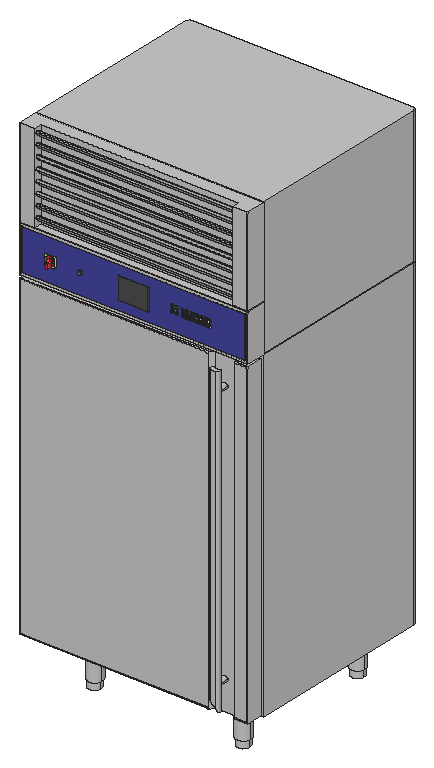
Revit family "QF_NuovAIR_P15.1----", category Specialty Equipment, Revit 2019
Family settings
  Round Connector Dimension = Use Diameter
  Part Type = Normal
  Work Plane-Based = No
  Always vertical = Yes
  Cut with Voids When Loaded = No
  Shared = No
  Room Calculation Point = No
Parameters (values of type "P15.1_LH_400V 50A")
  Weight = 250.00 kg
  Volts = 400 V
  Volt Free Conn = no
  URL Manufacturer = "https://www.nuovair.com/"
  URL Cutsheet = "P15.1-en-1.pdf"
  URL = ""
  Show Logo [instance] = yes
  Show Clearance [instance] = no
  Refrigeration Suction Line Size = 0 mm
  Refrigeration Liquid Line Size = 0 mm
  Refrigeration Energy Efficiency Index = ""
  Refrigeration Climate Class = ""
  Refrigerant Type = "R452a"
  Refrigerant Compressor Remote = no
  Potential Equalisation = yes
  Phase = 3
  Number of Poles = 3
  Model = "P15.1"
  Mat_Legs = QF_Stainless-Brushed
  Mat_Handle = QF_Stainless-Brushed
  Mat_Clearance = QF_Clearance
  Mat_Case = QF_Stainless-Brushed
  Masterspec = ""
  Manufacturer = "NUOVAIR"
  Main switch integrated = no
  Length Actual = 920 mm  # constant formula
  Legs_R2 = 25 mm  # constant formula
  Legs_R1 = 30 mm  # constant formula
  Keynote = "0"
  Item Number = "P15.1"
  Identify Quantity as Lot = no
  Horse Power = ""
  Height Actual = 2060 mm  # constant formula
  Foodservice Equipment Identifier = yes
  Energy Efficiency Labelling = ""
  FL Amps = 8.5 A
  Electric power = 3500000 W
  Elec Connection Height = 1535 mm
  Ele_Note = ""
  DoorH = Height Actual - 200 mm - 550 mm - 20 mm  # 1290 mm
  Direct Waste Size = 0 mm
  Direct Waste Connection Height = 0 mm
  Description = "Blast Chiller, 12-18 tray GN1/1 - 60x40"
  Description_FR = ""
  Description_ES = ""
  Description_EN = ""
  Description_DE = ""
  Depth Actual = 853 mm  # constant formula
  RH = no
  D15 = 15 mm  # constant formula
  Cycle = 50 Hz
  Conn Plug = "only cable"
  CE Approved = yes
  Author = ""
  Accessory = no
Types (6, lengths in mm): name | Volts | FL Amps | RH | Cycle
  P15.1_LH_400V 50A | 400 V | 8.5 A | no | 50 Hz
  P15.1_RH_400V 50A | 400 V | 8.5 A | yes | 50 Hz
  P15.1_LH_440V 60A | 440 V | 9.3 A | no | 60 Hz
  P15.1_RH_440V 60A | 440 V | 9.3 A | yes | 60 Hz
  P15.1_LH_230V 60A | 230 V | 17.8 A | no | 60 Hz
  P15.1_RH_230V 60A | 230 V | 17.8 A | yes | 60 Hz
Reference planes
  plane 1 "Center (Front/Back)": y = 0
  plane 2: z = 0
  plane 3 "Center (Left/Right)": x = 0
  plane 4 "SX": x = -460
  plane 5 "DX": x = 460
  plane 6: y = -853
  plane 7: y = -1630
  plane 8: y = -770
  plane 9 "top": z = 2060
  plane 10 "Base": z = 510
  plane 11: x = -500
  plane 12: x = 500
  plane 13: y = -60
  plane 14: y = -710
  plane 15: x = -400
  plane 16: x = 400
  plane 17: y = 50
  plane 18 "down": z = 200
  plane 19: x = -300
  plane 20: x = 300
  plane 21: y = -96.5
  plane 22: y = -673.5
  plane 23 "Center L/S": z = 529
  plane 24 "1": z = 1510
  plane 25: z = 1700
  plane 26: z = 1605
  plane 27 "Manopola_X": x = -335
  plane 28: x = -215
  plane 29: z = 270
  plane 30: z = 1440
  plane 31: y = -385
  plane 32: z = 2560
Forms (mm)
  Extrusion 1, solid, material "QF_Clearance" <- "Mat_Clearance", visible <- "Show Clearance"
    sketch origin (0, 0, 0) x (1, 0, 0) y (0, 1, 0)
      loop
        line (-460, 50) -> (-460, -1630) -> (460, -1630) -> (460, 50) -> (-460, 50)
    from 0 to 2060
  Extrusion 2, solid, material "QF_Stainless-Brushed" <- "Mat_Case", detail levels medium+fine
    sketch origin (0, 0, 0) x (1, 0, 0) y (0, 1, 0)
      loop
        arc (-445, 0) -> (-455.607, -4.393) -> (-460, -15) r 15
        line (-460, -15) -> (-460, -770) -> (460, -770) -> (460, -15)
        arc (460, -15) -> (455.607, -4.393) -> (445, 0) r 15
        line (445, 0) -> (-445, 0)
      loop
        arc (-385, -60) -> (-395.607, -64.393) -> (-400, -75) r 15
        line (-400, -75) -> (-400, -695)
        arc (-400, -695) -> (-395.607, -705.607) -> (-385, -710) r 15
        line (-385, -710) -> (385, -710)
        arc (385, -710) -> (395.607, -705.607) -> (400, -695) r 15
        line (400, -695) -> (400, -75)
        arc (400, -75) -> (395.607, -64.393) -> (385, -60) r 15
        line (385, -60) -> (-385, -60)
    from 200 to 2060
  Extrusion 3, solid, material "QF_Clearance" <- "Mat_Clearance", visible <- "Show Clearance"
    sketch origin (0, 0, 0) x (1, 0, 0) y (0, 1, 0)
      loop
        line (-500, 0) -> (-500, -853) -> (500, -853) -> (500, 0) -> (-500, 0)
    from 0 to 2060
  Extrusion 4, solid, material "QF_Stainless-Brushed" <- "Mat_Case", detail levels medium+fine
    sketch origin (0, 0, 0) x (1, 0, 0) y (0, 1, 0)
      loop
        line (-400, -60) -> (-400, -710) -> (400, -710) -> (400, -60) -> (-400, -60)
    from 200 to 510
  Extrusion 5, solid, material "QF_Stainless-Brushed" <- "Mat_Case", detail levels medium+fine
    sketch origin (-1142.471, -1524, 1650) x (-1, 0, 0) y (0, -1, 0)
      loop
        line (-742.471, -1464) -> (-742.471, -814) -> (-1542.471, -814) -> (-1542.471, -1464) -> (-742.471, -1464)
    from 0 to 410
  Extrusion 6, solid, material "QF_Stainless-Brushed" <- "Mat_Legs", detail levels medium+fine
    sketch origin (0, 0, 0) x (1, 0, 0) y (0, 1, 0)
      loop
        circle (-300, -673.5) r 30
      loop
        circle (300, -673.5) r 30
      loop
        circle (300, -96.5) r 30
      loop
        circle (-300, -96.5) r 30
    from 30 to 200
  Extrusion 7, solid, material "QF_Stainless-Brushed" <- "Mat_Legs", detail levels medium+fine
    sketch origin (0, 0, 0) x (1, 0, 0) y (0, 1, 0)
      loop
        circle (-300, -96.5) r 25
      loop
        circle (300, -96.5) r 25
      loop
        circle (-300, -673.5) r 25
      loop
        circle (300, -673.5) r 25
    from 0 to 30
  Extrusion 8, solid, material "QF_Stainless-Brushed" <- "Mat_Case", detail levels medium+fine
    sketch origin (0, 0, 1510) x (-1, 0, 0) y (0, -1, 0)
      loop
        line (458, 770) -> (460, 772) -> (460, 850)
        arc (460, 850) -> (459.121, 852.121) -> (457, 853) r 3
        line (457, 853) -> (-457, 853)
        arc (-457, 853) -> (-459.121, 852.121) -> (-460, 850) r 3
        line (-460, 850) -> (-460, 772) -> (-458, 770) -> (458, 770)
    from 0 to 550
  Sweep 9, void
    path origin (0, 0, 1510) x (-1, 0, 0) y (0, -1, 0)
      loop
        line (400, 853) -> (-400, 853)
    profile "PRF_Air-8 Blade : KTM" origin (0, -853, 1510) x (0, 1, 0) y (0, 0, 1)
      loop
        line (33, 190) -> (33, 206) -> (23, 206) -> (5, 224) -> (5, 234) -> (10, 234) -> (10, 226.071) -> (25.071, 211) -> (33, 211) -> (33, 250) -> (23, 250) -> (5, 268) -> (5, 278) -> (10, 278) -> (10, 270.071) -> (25.071, 255) -> (33, 255) -> (33, 294) -> (23, 294) -> (5, 312) -> (5, 322) -> (10, 322) -> (10, 314.071) -> (25.071, 299) -> (33, 299) -> (33, 338) -> (23, 338) -> (5, 356) -> (5, 366) -> (10, 366) -> (10, 358.071) -> (25.071, 343) -> (33, 343) -> (33, 382) -> (23, 382) -> (5, 400) -> (5, 410) -> (10, 410) -> (10, 402.071) -> (25.071, 387) -> (33, 387) -> (33, 426) -> (23, 426) -> (5, 444) -> (5, 454) -> (10, 454) -> (10, 446.071) -> (25.071, 431) -> (33, 431) -> (33, 470) -> (23, 470) -> (5, 488) -> (5, 498) -> (10, 498) -> (10, 490.071) -> (25.071, 475) -> (33, 475) -> (33, 514) -> (23, 514) -> (5, 532) -> (5, 542) -> (10, 542) -> (10, 534.071) -> (25.071, 519) -> (33, 519) -> (33, 552) -> (-25, 552) -> (-25, 190) -> (33, 190)
  Sweep 10, void
    path origin (-846.124, -1524, 1700) x (-1, 0, 0) y (0, -1, 0)
      loop
        line (-386.124, -754) -> (-386.124, -671) -> (-1306.124, -671) -> (-1306.124, -754)
    profile "PRF_scalpel : PRF_scalpel" origin (0, -853, 1700) x (0, 1, 0) y (0, 0, 1)
      loop
        line (1, 0) -> (-1, 2) -> (-51, 2) -> (-51, -2) -> (-1, -2) -> (1, 0)
  Extrusion 11, void
    sketch origin (-909.885, -853, 4000) x (-1, 0, 0) y (0, 0, 1)
      loop
        line (-459.885, -2480) -> (-459.885, -2310) -> (-1359.885, -2310) -> (-1359.885, -2480) -> (-459.885, -2480)
    from 0 to 2
  Extrusion 12, solid, material "QF_Plastic-Navy Blue", detail levels medium+fine
    sketch origin (-909.885, -853, 4000) x (-1, 0, 0) y (0, 0, 1)
      loop
        line (-459.885, -2480) -> (-459.885, -2310) -> (-1359.885, -2310) -> (-1359.885, -2480) -> (-459.885, -2480)
    from 0 to 2
  Extrusion 13, solid, material "QF_Rubber-Black", detail levels fine
    sketch origin (-909.885, -853, 4000) x (-1, 0, 0) y (0, 0, 1)
      loop
        circle (-694.885, -2395) r 7.5
    from 0 to -5
  Extrusion 14, solid, material "QF_Plastic-Black-Transparent", detail levels fine
    sketch origin (-909.885, -853, 4000) x (-1, 0, 0) y (0, 0, 1)
      loop
        arc (-851.885, -2440) -> (-850.471, -2439.414) -> (-849.885, -2438) r 2
        line (-849.885, -2438) -> (-849.885, -2352)
        arc (-849.885, -2352) -> (-850.471, -2350.586) -> (-851.885, -2350) r 2
        line (-851.885, -2350) -> (-967.885, -2350)
        arc (-967.885, -2350) -> (-969.3, -2350.586) -> (-969.885, -2352) r 2
        line (-969.885, -2352) -> (-969.885, -2438)
        arc (-969.885, -2438) -> (-969.3, -2439.414) -> (-967.885, -2440) r 2
        line (-967.885, -2440) -> (-851.885, -2440)
    from 0 to -1
  Extrusion 15, solid, material "QF_Plastic-White-Glossy", visible <- "Show Logo", detail levels fine
    sketch origin (-909.885, -853, 4000) x (-1, 0, 0) y (0, 0, 1)
      loop
        arc (-1128.781, -2392.416) -> (-1134.776, -2398.41) -> (-1140.77, -2392.416) r 5.994
        line (-1140.77, -2392.416) -> (-1140.77, -2380) -> (-1143.053, -2380) -> (-1143.053, -2392.416)
        arc (-1143.053, -2392.416) -> (-1134.776, -2400.694) -> (-1126.498, -2392.416) r 8.278
        line (-1126.498, -2392.416) -> (-1126.498, -2380) -> (-1128.781, -2380) -> (-1128.781, -2392.416)
      loop
        circle (-1155.915, -2390.424) r 10.27
      loop
        circle (-1155.915, -2390.424) r 7.986
      loop
        line (-1212.558, -2391.793) -> (-1208.232, -2391.793) -> (-1208.232, -2383.14) -> (-1212.558, -2383.14)
        arc (-1212.558, -2383.14) -> (-1216.885, -2387.466) -> (-1212.558, -2391.793) r 4.327
      loop
        arc (-1217.138, -2393.363) -> (-1219.55, -2396.639) -> (-1219.885, -2400.694) r 7.466
        line (-1219.885, -2400.694) -> (-1216.64, -2400.694)
        arc (-1216.64, -2400.694) -> (-1216.089, -2396.758) -> (-1212.558, -2394.933) r 4.327
        line (-1212.558, -2394.933) -> (-1208.232, -2394.933) -> (-1208.232, -2400.694) -> (-1205.377, -2400.694) -> (-1205.377, -2380) -> (-1212.558, -2380)
        arc (-1212.558, -2380) -> (-1219.621, -2385.045) -> (-1217.138, -2393.363) r 7.466
      loop
        line (-1107.955, -2385.624) -> (-1107.955, -2400.694) -> (-1105.672, -2400.694) -> (-1105.672, -2380) -> (-1120.324, -2395.07) -> (-1120.324, -2380) -> (-1122.608, -2380) -> (-1122.608, -2400.694) -> (-1107.955, -2385.624)
      loop
        line (-1200.317, -2400.694) -> (-1197.463, -2400.694) -> (-1197.463, -2380) -> (-1200.317, -2380) -> (-1200.317, -2400.694)
      loop
        line (-1179.711, -2380) -> (-1182.178, -2380) -> (-1173.719, -2400.694) -> (-1165.26, -2380) -> (-1167.726, -2380) -> (-1173.719, -2394.659) -> (-1179.711, -2380)
      loop
        line (-1189.418, -2394.471) -> (-1184.371, -2394.471) -> (-1186.894, -2388.298) -> (-1189.418, -2394.471)
      loop
        line (-1190.468, -2397.04) -> (-1183.321, -2397.04) -> (-1181.827, -2400.694) -> (-1178.435, -2400.694) -> (-1186.894, -2380) -> (-1195.353, -2400.694) -> (-1191.961, -2400.694) -> (-1190.468, -2397.04)
      loop
        line (-1107.153, -2410) -> (-1105.672, -2410) -> (-1105.672, -2403.718) -> (-1107.153, -2403.718) -> (-1107.153, -2410)
      loop
        line (-1112.129, -2410) -> (-1108.839, -2410) -> (-1108.839, -2403.718) -> (-1112.129, -2403.718) -> (-1112.129, -2410)
      loop
        line (-1117.558, -2410) -> (-1113.075, -2410) -> (-1113.075, -2403.718) -> (-1117.558, -2403.718) -> (-1117.558, -2410)
      loop
        line (-1123.275, -2410) -> (-1118.956, -2410) -> (-1118.956, -2403.718) -> (-1123.275, -2403.718) -> (-1123.275, -2410)
      loop
        line (-1127.675, -2410) -> (-1124.22, -2410) -> (-1124.22, -2403.718) -> (-1127.675, -2403.718) -> (-1127.675, -2410)
      loop
        line (-1132.24, -2410) -> (-1128.374, -2410) -> (-1128.374, -2403.718) -> (-1132.24, -2403.718) -> (-1132.24, -2410)
      loop
        line (-1136.189, -2410) -> (-1133.268, -2410) -> (-1133.268, -2403.718) -> (-1136.189, -2403.718) -> (-1136.189, -2410)
      loop
        line (-1141.289, -2410) -> (-1136.858, -2410) -> (-1136.858, -2403.718) -> (-1141.289, -2403.718) -> (-1141.289, -2410)
      loop
        line (-1146.827, -2410) -> (-1142.835, -2410) -> (-1142.835, -2403.718) -> (-1146.827, -2403.718) -> (-1146.827, -2410)
      loop
        line (-1149.816, -2410) -> (-1147.806, -2410) -> (-1147.806, -2403.718) -> (-1149.816, -2403.718) -> (-1149.816, -2410)
      loop
        line (-1157.956, -2410) -> (-1152.881, -2410) -> (-1152.881, -2403.718) -> (-1157.956, -2403.718) -> (-1157.956, -2410)
      loop
        line (-1162.129, -2410) -> (-1158.677, -2410) -> (-1158.677, -2403.718) -> (-1162.129, -2403.718) -> (-1162.129, -2410)
      loop
        line (-1171.712, -2410) -> (-1165.838, -2410) -> (-1165.838, -2403.718) -> (-1171.712, -2403.718) -> (-1171.712, -2410)
      loop
        line (-1175.473, -2410) -> (-1173.025, -2410) -> (-1173.025, -2403.718) -> (-1175.473, -2403.718) -> (-1175.473, -2410)
      loop
        line (-1182.162, -2410) -> (-1176.878, -2410) -> (-1176.878, -2403.718) -> (-1182.162, -2403.718) -> (-1182.162, -2410)
      loop
        line (-1187.601, -2410) -> (-1183.801, -2410) -> (-1183.801, -2403.718) -> (-1187.601, -2403.718) -> (-1187.601, -2410)
      loop
        line (-1192.468, -2410) -> (-1188.434, -2410) -> (-1188.434, -2403.718) -> (-1192.468, -2403.718) -> (-1192.468, -2410)
      loop
        line (-1197.309, -2410) -> (-1193.587, -2410) -> (-1193.587, -2403.718) -> (-1197.309, -2403.718) -> (-1197.309, -2410)
      loop
        line (-1201.63, -2410) -> (-1198.272, -2410) -> (-1198.272, -2403.718) -> (-1201.63, -2403.718) -> (-1201.63, -2410)
      loop
        line (-1205.924, -2410) -> (-1202.618, -2410) -> (-1202.618, -2403.718) -> (-1205.924, -2403.718) -> (-1205.924, -2410)
      loop
        line (-1208.188, -2410) -> (-1206.731, -2410) -> (-1206.731, -2403.718) -> (-1208.188, -2403.718) -> (-1208.188, -2410)
      loop
        line (-1212.717, -2410) -> (-1208.995, -2410) -> (-1208.995, -2403.718) -> (-1212.717, -2403.718) -> (-1212.717, -2410)
      loop
        line (-1219.885, -2410) -> (-1213.888, -2410) -> (-1213.888, -2403.718) -> (-1219.885, -2403.718) -> (-1219.885, -2410)
    from 0 to -1
  Extrusion 16, solid, material "QF_Plastic-Cyan", visible <- "Show Logo", detail levels fine
    sketch origin (-909.885, -853, 4000) x (-1, 0, 0) y (0, 0, 1)
      loop
        line (-1078.274, -2384.585) -> (-1078.274, -2390.401) -> (-1074.885, -2393.789) -> (-1071.497, -2390.401) -> (-1071.497, -2384.585) -> (-1074.885, -2387.974) -> (-1078.274, -2384.585)
      loop
        line (-1089.435, -2400.101) -> (-1081.197, -2400.101) -> (-1084.814, -2403.718) -> (-1089.885, -2403.718) -> (-1089.885, -2405.43) -> (-1086.527, -2405.43) -> (-1089.045, -2407.948) -> (-1087.834, -2409.159) -> (-1085.316, -2406.641) -> (-1085.316, -2410) -> (-1083.603, -2410) -> (-1083.603, -2404.929) -> (-1079.986, -2401.312) -> (-1079.986, -2409.549) -> (-1074.885, -2404.448) -> (-1069.784, -2409.549) -> (-1069.784, -2401.312) -> (-1066.168, -2404.929) -> (-1066.168, -2410) -> (-1064.455, -2410) -> (-1064.455, -2406.641) -> (-1061.937, -2409.159) -> (-1060.726, -2407.948) -> (-1063.244, -2405.43) -> (-1059.885, -2405.43) -> (-1059.885, -2403.718) -> (-1064.957, -2403.718) -> (-1068.573, -2400.101) -> (-1060.336, -2400.101) -> (-1065.437, -2395) -> (-1060.336, -2389.899) -> (-1068.573, -2389.899) -> (-1064.957, -2386.282) -> (-1059.885, -2386.282) -> (-1059.885, -2384.57) -> (-1063.244, -2384.57) -> (-1060.726, -2382.052) -> (-1061.937, -2380.841) -> (-1064.455, -2383.359) -> (-1064.455, -2380) -> (-1066.168, -2380) -> (-1066.168, -2385.071) -> (-1069.784, -2388.688) -> (-1069.784, -2380.451) -> (-1074.885, -2385.552) -> (-1079.986, -2380.451) -> (-1079.986, -2388.688) -> (-1083.603, -2385.071) -> (-1083.603, -2380) -> (-1085.316, -2380) -> (-1085.316, -2383.359) -> (-1087.834, -2380.841) -> (-1089.045, -2382.052) -> (-1086.527, -2384.57) -> (-1089.885, -2384.57) -> (-1089.885, -2386.282) -> (-1084.814, -2386.282) -> (-1081.197, -2389.899) -> (-1089.435, -2389.899) -> (-1084.334, -2395) -> (-1089.435, -2400.101)
      loop
        line (-1064.471, -2398.388) -> (-1067.859, -2395) -> (-1064.471, -2391.612) -> (-1070.286, -2391.612) -> (-1073.674, -2395) -> (-1070.286, -2398.388) -> (-1064.471, -2398.388)
      loop
        line (-1085.3, -2398.388) -> (-1079.485, -2398.388) -> (-1076.096, -2395) -> (-1079.485, -2391.612) -> (-1085.3, -2391.612) -> (-1081.912, -2395) -> (-1085.3, -2398.388)
      loop
        line (-1078.274, -2405.415) -> (-1074.885, -2402.026) -> (-1071.497, -2405.415) -> (-1071.497, -2399.599) -> (-1074.885, -2396.211) -> (-1078.274, -2399.599) -> (-1078.274, -2405.415)
    from 0 to -1
  Sweep 17, void
    path origin (-846.124, -1524, 1510) x (-1, 0, 0) y (0, -1, 0)
      loop
        line (-386.124, -1524) -> (-386.124, -754) -> (-1306.124, -754) -> (-1306.124, -1524) -> (-386.124, -1524)
    profile "PRF_scalpel : PRF_scalpel" origin (0, 0, 1510) x (0, 1, 0) y (0, 0, 1)
      loop
        line (-1, 0) -> (1, -2) -> (51, -2) -> (51, 2) -> (1, 2) -> (-1, 0)
  Extrusion 18, solid, material "QF_Clearance" <- "Mat_Clearance", visible <- "Show Clearance"
    sketch origin (0, 0, 0) x (1, 0, 0) y (0, 1, 0)
      loop
        line (-460, -853) -> (460, -853) -> (460, 0) -> (-460, 0) -> (-460, -853)
    from 0 to 2560
Cuts and joins
  Sweep 17 cuts Extrusion 2
  joined: Extrusion 2, Extrusion 4, Extrusion 5
  joined: Extrusion 1, Extrusion 3
  Sweep 9, Sweep 10, Extrusion 11 cuts Extrusion 8
Lines and regions (mm)
  model lines, style "InvisibleLines"
    curve 1: line (-50, 0, 0) -> (50, 0, 0)
    curve 2: line (0, 50, 0) -> (0, -50, 0)
  model lines, style "QF_Case", detail levels coarse
    curve 3: line (-460, 0, 0) -> (460, 0, 0)
    curve 4: line (-460, -853, 0) -> (-460, 0, 0)
    curve 5: line (460, -853, 0) -> (-460, -853, 0)
    curve 6: line (460, 0, 0) -> (460, -853, 0)
    curve 7: line (460, -853, 2060) -> (460, -853, 0)
    curve 8: line (460, 0, 2060) -> (460, 0, 0)
    curve 9: line (-460, -853, 2060) -> (-460, -853, 0)
    curve 10: line (-460, 0, 2060) -> (-460, 0, 0)
    curve 11: line (-460, 0, 2060) -> (460, 0, 2060)
    curve 12: line (-460, -853, 2060) -> (-460, 0, 2060)
    curve 13: line (460, -853, 2060) -> (-460, -853, 2060)
    curve 14: line (460, 0, 2060) -> (460, -853, 2060)
  reference lines
    curve 15: line (150, -853, 1676.134) -> (150, -853, 1541.134)
    curve 16: line (310, -853, 1676.134) -> (310, -853, 1541.134)
Dimensions and locks
  curve 1 to plane 3 "Center (Left/Right)" to curve 1 = 50 mm locked, 50 mm locked
  curve 2 to plane 1 "Center (Front/Back)" to curve 2 = 50 mm locked, 50 mm locked
  "Height Actual": plane 9 "top" to level
  "Depth Actual": plane 6 to plane 1 "Center (Front/Back)"
  locked: plane 11 to plane 4 "SX" at 40
  locked: plane 5 "DX" to plane 12 at 40
  locked: plane 13 to plane 1 "Center (Front/Back)" at 60
  locked: plane 14 to plane 8 at 60
  locked: plane 1 "Center (Front/Back)" to plane 17 at 50
  locked: plane 8 to plane 6 at 83
  locked: plane 18 "down" to plane 2 at 200
  equal spacing: plane 4 "SX", plane 3 "Center (Left/Right)", plane 5 "DX"
  "Length Actual": plane 4 "SX" to plane 5 "DX"
  locked: plane 7 to plane 1 "Center (Front/Back)" at 1630
  locked: plane 16 to plane 5 "DX" at 60
  plane 23 "Center L/S" to plane 10 "Base" = 19 mm
  locked: plane 4 "SX" to plane 15 at 60
  plane 10 "Base" to plane 18 "down" = 310 mm
  plane 24 "1" to plane 2 = 1510 mm
  locked: plane 25 to plane 24 "1" at 190
  locked: Extrusion 11 sketch curve to plane 24 "1" at 10
  locked: plane 25 to Extrusion 11 sketch curve at 10
  locked: Extrusion 11 sketch curve to plane 4 "SX" at 10
  locked: plane 5 "DX" to Extrusion 11 sketch curve at 10
  Extrusion 12 sketch curve to plane 4 "SX" = 10 mm
  plane 5 "DX" to Extrusion 12 sketch curve = 10 mm
  Extrusion 12 sketch curve to plane 24 "1" = 10 mm
  plane 25 to Extrusion 12 sketch curve = 10 mm
  equal spacing: plane 25, plane 26, plane 24 "1", locked at 95 each
  locked: Extrusion 14 sketch curve to plane 26 at 45
  locked: plane 26 to Extrusion 14 sketch curve at 45
  Extrusion 14 sketch curve to plane 3 "Center (Left/Right)" = 60 mm
  plane 3 "Center (Left/Right)" to Extrusion 14 sketch curve = 60 mm
  locked: curve 15 to plane 3 "Center (Left/Right)" at 150
  locked: curve 16 to plane 3 "Center (Left/Right)" at 310
  locked: plane 29 to plane 2 at 270
  locked: plane 30 to plane 29 at 1170
  locked: plane 24 "1" to plane 30 at 70
  equal spacing: plane 19, plane 3 "Center (Left/Right)", plane 20
  locked: plane 19 to plane 20 at 600
  equal spacing: plane 8, plane 31, plane 1 "Center (Front/Back)"
  equal spacing: plane 21, plane 31, plane 22
  locked: plane 21 to plane 22 at 577
  locked: plane 27 "Manopola_X" to plane 4 "SX" at 125
  locked: plane 28 to plane 27 "Manopola_X" at 120
  locked: plane 32 to plane 9 "top" at 500
  "D15": radius of Extrusion 2 sketch curve  (x6)
  "Legs_R1": radius of Extrusion 6 sketch curve  (x4)
  "Legs_R2": radius of Extrusion 7 sketch curve  (x4)
  aligned and locked: level to plane 2
  aligned and locked: plane 4 "SX" to Extrusion 1 sketch curve
  aligned and locked: plane 7 to Extrusion 1 sketch curve
  aligned and locked: Extrusion 1 sketch curve to plane 5 "DX"
  aligned and locked: plane 9 "top" to Extrusion 1
  aligned and locked: plane 1 "Center (Front/Back)" to Extrusion 2 sketch curve
  aligned and locked: Extrusion 2 sketch curve to plane 5 "DX"
  aligned and locked: plane 4 "SX" to Extrusion 2 sketch curve
  aligned and locked: plane 1 "Center (Front/Back)" to curve 3
  aligned and locked: plane 6 to curve 5
  aligned and locked: curve 6 to plane 5 "DX"
  aligned and locked: plane 4 "SX" to curve 4
  aligned and locked: plane 9 "top" to curve 8
  aligned and locked: plane 9 "top" to curve 7
  aligned and locked: plane 9 "top" to curve 10
  aligned and locked: plane 9 "top" to curve 9
  aligned and locked: level to curve 8
  aligned and locked: level to curve 7
  aligned and locked: level to curve 10
  aligned and locked: level to curve 9
  aligned and locked: curve 8 to plane 1 "Center (Front/Back)"
  aligned and locked: curve 10 to plane 1 "Center (Front/Back)"
  aligned and locked: plane 6 to curve 7
  aligned and locked: plane 6 to curve 9
  aligned and locked: plane 1 "Center (Front/Back)" to Extrusion 3 sketch curve
  aligned and locked: plane 11 to Extrusion 3 sketch curve
  aligned and locked: plane 6 to Extrusion 3 sketch curve
  aligned and locked: Extrusion 3 sketch curve to plane 12
  aligned and locked: plane 9 "top" to Extrusion 3
  aligned and locked: plane 8 to Extrusion 2 sketch curve
  aligned and locked: Extrusion 2 sketch curve to plane 13
  aligned and locked: plane 15 to Extrusion 2 sketch curve
  aligned and locked: Extrusion 2 sketch curve to plane 16
  aligned and locked: Extrusion 2 sketch curve to plane 14
  aligned and locked: plane 15 to Extrusion 4 sketch curve
  aligned and locked: Extrusion 4 sketch curve to plane 13
  aligned and locked: Extrusion 4 sketch curve to plane 16
  aligned and locked: plane 14 to Extrusion 4 sketch curve
  aligned and locked: plane 15 to Extrusion 5 sketch curve
  aligned and locked: Extrusion 5 sketch curve to plane 13
  aligned and locked: Extrusion 5 sketch curve to plane 16
  aligned and locked: plane 14 to Extrusion 5 sketch curve
  aligned and locked: Extrusion 1 sketch curve to plane 17
  aligned and locked: plane 10 "Base" to cut or joined group of Extrusion 2, Extrusion 4, Extrusion 5, Sweep 17
  aligned and locked: cut or joined group of Extrusion 2, Extrusion 4, Extrusion 5, Sweep 17 to plane 18 "down"  (x2)
  aligned and locked: plane 19 to Extrusion 6 sketch curve  (x2)
  aligned and locked: plane 22 to Extrusion 6 sketch curve  (x2)
  aligned and locked: plane 21 to Extrusion 6 sketch curve  (x2)
  aligned and locked: plane 20 to Extrusion 6 sketch curve  (x2)
  aligned and locked: plane 18 "down" to Extrusion 6
  aligned and locked: plane 19 to Extrusion 7 sketch curve  (x2)
  aligned and locked: plane 21 to Extrusion 7 sketch curve  (x2)
  aligned and locked: plane 20 to Extrusion 7 sketch curve  (x2)
  aligned and locked: plane 22 to Extrusion 7 sketch curve  (x2)
  aligned and locked: plane 1 "Center (Front/Back)" to curve 11
  aligned and locked: plane 6 to curve 13
  aligned and locked: plane 4 "SX" to nested 1
  aligned and locked: nested 1 to plane 1 "Center (Front/Back)"
  aligned and locked: Extrusion 8 sketch curve to plane 8
  aligned and locked: plane 4 "SX" to Extrusion 8 sketch curve
  aligned and locked: Extrusion 8 sketch curve to plane 5 "DX"
  aligned and locked: plane 6 to Extrusion 8 sketch curve
  aligned and locked: plane 15 to Sweep 9 sketch curve
  aligned and locked: plane 16 to Sweep 9 sketch curve
  aligned and locked: Sweep 9 sketch curve to plane 6
  aligned and locked: Extrusion 8 to plane 24 "1"
  aligned and locked: plane 9 "top" to Extrusion 2
  aligned and locked: plane 9 "top" to Extrusion 8
  aligned and locked: Sweep 10 sketch curve to plane 4 "SX"
  aligned and locked: plane 5 "DX" to Sweep 10 sketch curve
  aligned and locked: Sweep 10 sketch curve to plane 6
  aligned and locked: plane 8 to Sweep 10 sketch curve  (x2)
  aligned and locked: Extrusion 12 to plane 6
  aligned and locked: plane 27 "Manopola_X" to nested 2
  aligned and locked: nested 2 to plane 26
  aligned and locked: plane 26 to Extrusion 13 sketch curve
  aligned and locked: plane 28 to Extrusion 13 sketch curve
  aligned and locked: plane 6 to Extrusion 13
  aligned and locked: Extrusion 14 to plane 6
  aligned and locked: Extrusion 15 to plane 6
  aligned and locked: Extrusion 15 to curve 16
  aligned and locked: Extrusion 16 to plane 6
  aligned and locked: curve 15 to Extrusion 16
  aligned and locked: plane 8 to Sweep 17 sketch curve
  aligned and locked: Sweep 17 sketch curve to plane 5 "DX"
  aligned and locked: plane 4 "SX" to Sweep 17 sketch curve
  aligned and locked: plane 1 "Center (Front/Back)" to Sweep 17 sketch curve
  aligned and locked: plane 1 "Center (Front/Back)" to nested 3
  aligned and locked: plane 9 "top" to Extrusion 5
  aligned and locked: Extrusion 18 sketch curve to plane 1 "Center (Front/Back)"
  aligned and locked: Extrusion 18 sketch curve to plane 6
  aligned and locked: Extrusion 18 sketch curve to plane 4 "SX"
  aligned and locked: plane 5 "DX" to Extrusion 18 sketch curve
  aligned and locked: Extrusion 18 to level
  aligned and locked: plane 32 to Extrusion 18
Automatic sketch dimensions
  curve 2 to plane 3 "Center (Left/Right)" = 0 mm
  plane 1 "Center (Front/Back)" to curve 1 = 0 mm
  curve 11 to plane 5 "DX" = 0 mm
  curve 13 to plane 4 "SX" = 0 mm
  Extrusion 8 sketch curve to plane 5 "DX" = 2 mm
  Extrusion 8 sketch curve to Extrusion 8 sketch curve = 3 mm
  plane 4 "SX" to Extrusion 8 sketch curve = 3 mm
  plane 4 "SX" to Extrusion 8 sketch curve = 2 mm
  Extrusion 8 sketch curve to plane 8 = 2 mm  (x2)
  Extrusion 14 sketch curve to Extrusion 14 sketch curve = 2 mm  (x4)
  plane 24 "1" to curve 15 = 31.134 mm
  plane 24 "1" to curve 16 = 31.134 mm
  curve 16 to plane 25 = 23.866 mm
  curve 15 to plane 25 = 23.866 mm
  level to Extrusion 16 sketch curve = 1590 mm  (x2)
  plane 3 "Center (Left/Right)" to Extrusion 16 sketch curve = 150 mm  (x2)
  plane 3 "Center (Left/Right)" to Extrusion 16 sketch curve = 150.451 mm  (x2)
  plane 3 "Center (Left/Right)" to Extrusion 16 sketch curve = 150.841 mm  (x2)
  level to Extrusion 16 sketch curve = 1590.841 mm  (x2)
  Extrusion 16 sketch curve to Extrusion 16 sketch curve = 1.211 mm  (x31)
  plane 3 "Center (Left/Right)" to Extrusion 16 sketch curve = 153.359 mm  (x2)
  Extrusion 16 sketch curve to Extrusion 16 sketch curve = 2.518 mm  (x3)
  Extrusion 16 sketch curve to Extrusion 16 sketch curve = 4.135 mm  (x5)
  Extrusion 16 sketch curve to Extrusion 16 sketch curve = 1.713 mm  (x18)
  Extrusion 16 sketch curve to Extrusion 16 sketch curve = 0.966 mm  (x3)
  Extrusion 16 sketch curve to Extrusion 16 sketch curve = 2.422 mm  (x3)
  Extrusion 16 sketch curve to Extrusion 16 sketch curve = 4.103 mm  (x3)
  Extrusion 16 sketch curve to Extrusion 16 sketch curve = 3.617 mm  (x7)
  level to Extrusion 16 sketch curve = 1590.451 mm  (x2)
  level to Extrusion 16 sketch curve = 1594.585 mm  (x2)
  Extrusion 16 sketch curve to Extrusion 16 sketch curve = 3.388 mm  (x6)
  Extrusion 16 sketch curve to Extrusion 16 sketch curve = 0 mm  (x4)
  Extrusion 16 sketch curve to Extrusion 16 sketch curve = 2.427 mm  (x2)
  level to Extrusion 16 sketch curve = 1594.57 mm
  level to Extrusion 16 sketch curve = 1592.052 mm
  level to Extrusion 16 sketch curve = 1599.899 mm
  Extrusion 16 sketch curve to Extrusion 16 sketch curve = 0.841 mm  (x2)
  Extrusion 16 sketch curve to Extrusion 16 sketch curve = 0.451 mm  (x2)
  Extrusion 15 sketch curve to Extrusion 15 sketch curve = 0 mm  (x57)
  Extrusion 15 sketch curve to plane 16 = 90 mm
  Extrusion 15 sketch curve to Extrusion 15 sketch curve = 3.245 mm
  Extrusion 15 sketch curve to Extrusion 15 sketch curve = 2.752 mm
  Extrusion 15 sketch curve to Extrusion 15 sketch curve = 1.171 mm
  Extrusion 15 sketch curve to Extrusion 15 sketch curve = 4.082 mm
  Extrusion 15 sketch curve to Extrusion 15 sketch curve = 3.722 mm
  Extrusion 15 sketch curve to Extrusion 15 sketch curve = 4.327 mm  (x2)
  Extrusion 15 sketch curve to Extrusion 15 sketch curve = 0.764 mm
  Extrusion 15 sketch curve to Extrusion 15 sketch curve = 0.807 mm  (x2)
  Extrusion 15 sketch curve to Extrusion 15 sketch curve = 1.457 mm
  Extrusion 15 sketch curve to Extrusion 15 sketch curve = 2.854 mm  (x2)
  Extrusion 15 sketch curve to Extrusion 15 sketch curve = 3.306 mm
  Extrusion 15 sketch curve to Extrusion 15 sketch curve = 0.989 mm
  Extrusion 15 sketch curve to Extrusion 15 sketch curve = 5.06 mm
  Extrusion 15 sketch curve to Extrusion 15 sketch curve = 3.358 mm
  Extrusion 15 sketch curve to Extrusion 15 sketch curve = 0.963 mm
  Extrusion 15 sketch curve to Extrusion 15 sketch curve = 2.11 mm
  Extrusion 15 sketch curve to Extrusion 15 sketch curve = 1.766 mm
  Extrusion 15 sketch curve to Extrusion 15 sketch curve = 1.119 mm
  Extrusion 15 sketch curve to Extrusion 15 sketch curve = 0.507 mm
  Extrusion 15 sketch curve to Extrusion 15 sketch curve = 1.494 mm
  Extrusion 15 sketch curve to Extrusion 15 sketch curve = 1.05 mm  (x2)
  Extrusion 15 sketch curve to Extrusion 15 sketch curve = 4.034 mm
  Extrusion 15 sketch curve to Extrusion 15 sketch curve = 0.833 mm
  Extrusion 15 sketch curve to Extrusion 15 sketch curve = 2.523 mm
  Extrusion 15 sketch curve to Extrusion 15 sketch curve = 5.047 mm
  Extrusion 15 sketch curve to Extrusion 15 sketch curve = 3.8 mm
  Extrusion 15 sketch curve to Extrusion 15 sketch curve = 4.717 mm
  Extrusion 15 sketch curve to Extrusion 15 sketch curve = 1.64 mm
  Extrusion 15 sketch curve to Extrusion 15 sketch curve = 0.334 mm
  Extrusion 15 sketch curve to Extrusion 15 sketch curve = 2.467 mm  (x2)
  Extrusion 15 sketch curve to Extrusion 15 sketch curve = 3.392 mm
  Extrusion 15 sketch curve to Extrusion 15 sketch curve = 1.557 mm
  Extrusion 15 sketch curve to Extrusion 15 sketch curve = 1.405 mm
  Extrusion 15 sketch curve to Extrusion 15 sketch curve = 1.754 mm
  Extrusion 15 sketch curve to Extrusion 15 sketch curve = 2.447 mm
  Extrusion 15 sketch curve to Extrusion 15 sketch curve = 1.314 mm
  Extrusion 15 sketch curve to Extrusion 15 sketch curve = 11.984 mm
  Extrusion 15 sketch curve to Extrusion 15 sketch curve = 5.873 mm
  Extrusion 15 sketch curve to Extrusion 15 sketch curve = 3.71 mm
  Extrusion 15 sketch curve to Extrusion 15 sketch curve = 3.452 mm
  Extrusion 15 sketch curve to Extrusion 15 sketch curve = 0.721 mm
  Extrusion 15 sketch curve to Extrusion 15 sketch curve = 2.041 mm
  Extrusion 15 sketch curve to Extrusion 15 sketch curve = 5.075 mm
  Extrusion 15 sketch curve to Extrusion 15 sketch curve = 3.065 mm
  Extrusion 15 sketch curve to Extrusion 15 sketch curve = 2.009 mm
  Extrusion 15 sketch curve to Extrusion 15 sketch curve = 0.979 mm
  Extrusion 15 sketch curve to Extrusion 15 sketch curve = 12.862 mm
  Extrusion 15 sketch curve to Extrusion 15 sketch curve = 3.993 mm
  Extrusion 15 sketch curve to Extrusion 15 sketch curve = 1.546 mm
  Extrusion 15 sketch curve to Extrusion 15 sketch curve = 2.283 mm  (x3)
  Extrusion 15 sketch curve to Extrusion 15 sketch curve = 4.431 mm
  Extrusion 15 sketch curve to Extrusion 15 sketch curve = 0.67 mm
  Extrusion 15 sketch curve to Extrusion 15 sketch curve = 5.994 mm
  Extrusion 15 sketch curve to Extrusion 15 sketch curve = 2.92 mm
  Extrusion 15 sketch curve to Extrusion 15 sketch curve = 1.028 mm
  Extrusion 15 sketch curve to Extrusion 15 sketch curve = 3.866 mm
  Extrusion 15 sketch curve to Extrusion 15 sketch curve = 0.699 mm
  Extrusion 15 sketch curve to Extrusion 15 sketch curve = 3.455 mm
  Extrusion 15 sketch curve to Extrusion 15 sketch curve = 0.946 mm  (x2)
  Extrusion 15 sketch curve to Extrusion 15 sketch curve = 0.667 mm
  Extrusion 15 sketch curve to Extrusion 15 sketch curve = 4.319 mm
  Extrusion 15 sketch curve to Extrusion 15 sketch curve = 1.398 mm
  Extrusion 15 sketch curve to Extrusion 15 sketch curve = 4.483 mm
  Extrusion 15 sketch curve to Extrusion 15 sketch curve = 3.29 mm
  Extrusion 15 sketch curve to Extrusion 15 sketch curve = 0.883 mm
  Extrusion 15 sketch curve to Extrusion 15 sketch curve = 1.686 mm
  Extrusion 15 sketch curve to Extrusion 15 sketch curve = 1.481 mm
  plane 30 to Extrusion 15 sketch curve = 150 mm
  Extrusion 15 sketch curve to Extrusion 15 sketch curve = 6.282 mm  (x3)
  Extrusion 15 sketch curve to Extrusion 15 sketch curve = 3.024 mm  (x8)
  Extrusion 15 sketch curve to Extrusion 15 sketch curve = 1.435 mm
  Extrusion 15 sketch curve to Extrusion 15 sketch curve = 3.654 mm
  Extrusion 15 sketch curve to Extrusion 15 sketch curve = 5.624 mm  (x2)
  Extrusion 15 sketch curve to Extrusion 15 sketch curve = 6.035 mm
  Extrusion 15 sketch curve to Extrusion 15 sketch curve = 2.569 mm
  Extrusion 15 sketch curve to Extrusion 15 sketch curve = 11.301 mm
  Extrusion 15 sketch curve to Extrusion 15 sketch curve = 3.14 mm  (x3)
  Extrusion 15 sketch curve to Extrusion 15 sketch curve = 1.992 mm
  Extrusion 15 sketch curve to Extrusion 15 sketch curve = 6.173 mm
  Extrusion 15 sketch curve to Extrusion 15 sketch curve = 15.07 mm
  Extrusion 15 sketch curve to Extrusion 15 sketch curve = 10.424 mm
  Extrusion 15 sketch curve to Extrusion 15 sketch curve = 8.298 mm
  Extrusion 15 sketch curve to Extrusion 15 sketch curve = 12.416 mm
  radius of Extrusion 13 sketch curve = 7.5 mm
  radius of Extrusion 15 sketch curve = 10.27 mm
  radius of Extrusion 15 sketch curve = 7.986 mm
Nested families
  nested 1: "Connection_DxSx" at (-460, 0, 1535) x (-1, 0, 0) z (0, 0, 1), built-in parameter 1001364 <- "Elec Connection Height", type "KTM", not visible
    with Width_DX 0 mm, Width Offset 40 mm, Depth Offset 0 mm, DX no
  nested 2: "Manopola_40x40" at (-335, -853, 1605) x (1, 0, 0) z (0, -1, 0), type "Manopola_40x40", detail levels fine
    with Mat_B QF_Plastic-Red, Mat_A QF_Plastic-Yellow
  nested 3: "Door_G_SenzaPlacca" at (0, 0, 210), Mat_Case <- "Mat_Case", Mat_Handle <- "Mat_Case", DX <- "RH", Depth <- "Depth Actual", Door Width <- "Length Actual", Door Height <- "DoorH", type "KTM", detail levels medium+fine
    with SX yes, RD 920 mm, Plate 409 mm, Mat_Seal QF_Rubber-Black, Mat_Handle QF_Stainless-Brushed, Mat_Case QF_Stainless-Brushed, Logo yes, Handle_Sx 818 mm, Handle_H 1230 mm, Door Width 920 mm, Door Height 1290 mm, Depth Offset 83 mm, Depth 853 mm, DX no, 2D_Offset 0 mm
Connectors
  electrical at (-420, 0.5, 1535), driven by "Number of Poles", driven by "Volts", driven by "Electric power", driven by "Ele_Note"
    settings: on nested 1, index 6, voltage 400 V, apparent load 3500000 VA, apparent load phase1 0 VA, apparent load phase2 0 VA, apparent load phase3 0 VA, power factor 1, load classification "Power", number of poles 3, system type 30, power factor state 1, is connector primary yes, connector utility no, sub classification motor no, connector description ""
Definition of nested family "Connection_DxSx"
  Parameters (values of type "KTM")
    Width_DX [instance] = if(DX, Width Offset * 2, 0 mm)  # 120 mm
    Width Offset [instance] = 60 mm
    Manufacturer = "Gjiom by www.RevitLandia.com"  # constant formula
    Depth Offset [instance] = 50 mm
    Default Elevation = 0 mm
    DX [instance] = yes
  Reference planes
    plane 1 "Center (Front/Back)": y = 0
    plane 2: z = 0
    plane 3 "Center (Left/Right)": x = 0
    plane 4 "Depth Offset": y = -50
    plane 5: x = 60
    plane 6: x = -60
  Forms (mm)
    Extrusion 1, solid
      sketch origin (0, 0, 0) x (1, 0, 0) y (0, 1, 0)
        loop
          circle (60, -50) r 15
      from -0.5 to 0.5
    Extrusion 2, solid
      sketch origin (0, -50, 0) x (-1, 0, 0) y (0, 0, 1)
        loop
          circle (-60, 0) r 15
      from -0.5 to 0.5
    Extrusion 3, solid
      sketch origin (60, 93.537, 4000) x (0, 1, 0) y (0, 0, 1)
        loop
          circle (-143.537, -4000) r 15
      from -0.5 to 0.5
  Lines and regions (mm)
    model lines
      curve 1: line (0, 0, 0) -> (0, -20, 0)
  Dimensions and locks
    "Depth Offset": plane 1 "Center (Front/Back)" to plane 4 "Depth Offset"
    "Width Offset": plane 6 to plane 3 "Center (Left/Right)"
    "Width_DX": plane 6 to plane 5
    aligned and locked: level to plane 2
    aligned and locked: plane 4 "Depth Offset" to Extrusion 1 sketch curve
    aligned and locked: level to Extrusion 2 sketch curve
    aligned and locked: level to Extrusion 3 sketch curve
    aligned and locked: plane 4 "Depth Offset" to Extrusion 3 sketch curve
    aligned and locked: plane 5 to Extrusion 1 sketch curve
    aligned and locked: plane 5 to Extrusion 2 sketch curve
  Automatic sketch dimensions
    curve 1 to plane 3 "Center (Left/Right)" = 0 mm
    plane 1 "Center (Front/Back)" to curve 1 = 0 mm
    plane 1 "Center (Front/Back)" to curve 1 = 20 mm
    radius of Extrusion 1 sketch curve = 15 mm
    radius of Extrusion 2 sketch curve = 15 mm
    radius of Extrusion 3 sketch curve = 15 mm
Definition of nested family "Manopola_40x40"
  Parameters (values of type "Manopola_40x40")
    Mat_A [instance] = none
    Default Elevation = 1219.2 mm
    Mat_B [instance] = none
  Reference planes
    plane 1 "Centro (Fronte/Retro)": y = 0
    plane 2: z = 0
    plane 3 "Centro (Sinistra/Destra)": x = 0
    plane 4: z = 20
    plane 5: z = 4
    plane 6: x = -20
    plane 7: x = 20
    plane 8: y = 20
    plane 9: y = -20
    plane 10: z = 5
    plane 11: z = 6
  Forms (mm)
    Extrusion 1, solid, material <- "Mat_A"
      sketch origin (0, 0, 0) x (1, 0, 0) y (0, 1, 0)
        loop
          arc (-18, 20) -> (-19.414, 19.414) -> (-20, 18) r 2
          line (-20, 18) -> (-20, -18)
          arc (-20, -18) -> (-19.414, -19.414) -> (-18, -20) r 2
          line (-18, -20) -> (18, -20)
          arc (18, -20) -> (19.414, -19.414) -> (20, -18) r 2
          line (20, -18) -> (20, 18)
          arc (20, 18) -> (19.414, 19.414) -> (18, 20) r 2
          line (18, 20) -> (-18, 20)
      from 0 to 4
    Extrusion 2, solid, material <- "Mat_B"
      sketch origin (0, 0, 0) x (1, 0, 0) y (0, 1, 0)
        loop
          circle (0, 0) r 18
      from 4 to 5
    Extrusion 3, solid, material <- "Mat_B"
      sketch origin (0, 0, 0) x (1, 0, 0) y (0, 1, 0)
        loop
          circle (0, 0) r 9
      from 5 to 6
    Blend 4, solid, material <- "Mat_B"
      base sketch origin (0, 0, 0) x (1, 0, 0) y (0, 1, 0)
        loop
          line (-5.402, 7.199) -> (-3.551, -19.27)
          arc (-3.551, -19.27) -> (0, -20) -> (3.551, -19.27) r 9
          line (3.551, -19.27) -> (5.402, 7.199)
          arc (5.402, 7.199) -> (0, 9) -> (-5.402, 7.199) r 9
      top sketch origin (0, 0, 0) x (1, 0, 0) y (0, 1, 0)
        loop
          line (-3.834, -0.858) -> (-3.512, -19.286)
          arc (-3.512, -19.286) -> (0, -20) -> (3.512, -19.286) r 9
          line (3.512, -19.286) -> (3.834, -0.858)
          arc (3.834, -0.858) -> (0, 0) -> (-3.834, -0.858) r 9
      from 6 to 20
  Cuts and joins
    joined: Extrusion 3, Blend 4
  Dimensions and locks
    locked: plane 4 to plane 2 at 20
    locked: plane 5 to plane 2 at 4
    equal spacing: plane 8, plane 1 "Centro (Fronte/Retro)", plane 9
    locked: plane 8 to plane 9 at 40
    equal spacing: plane 6, plane 3 "Centro (Sinistra/Destra)", plane 7
    locked: plane 6 to plane 7 at 40
    locked: plane 10 to plane 5 at 1
    locked: plane 11 to plane 10 at 1
    aligned and locked: level to plane 2
    aligned and locked: Extrusion 1 sketch curve to plane 8
    aligned and locked: Extrusion 1 sketch curve to plane 9
    aligned and locked: Extrusion 1 sketch curve to plane 7
    aligned and locked: plane 6 to Extrusion 1 sketch curve
    aligned and locked: Extrusion 1 to level
    aligned and locked: plane 5 to Extrusion 1
    aligned and locked: plane 3 "Centro (Sinistra/Destra)" to Extrusion 2 sketch curve
    aligned and locked: plane 1 "Centro (Fronte/Retro)" to Extrusion 2 sketch curve
    aligned and locked: plane 10 to Extrusion 2
    aligned and locked: Extrusion 2 to plane 5
    aligned and locked: plane 3 "Centro (Sinistra/Destra)" to Extrusion 3 sketch curve
    aligned and locked: plane 1 "Centro (Fronte/Retro)" to Extrusion 3 sketch curve
    aligned and locked: plane 11 to Extrusion 3
    aligned and locked: Extrusion 3 to plane 10
    aligned and locked: Blend 4 to plane 11
    aligned and locked: plane 4 to Blend 4
  Automatic sketch dimensions
    Extrusion 1 sketch curve to Extrusion 1 sketch curve = 2 mm
    plane 6 to Extrusion 1 sketch curve = 2 mm
    Extrusion 1 sketch curve to plane 7 = 2 mm  (x2)
    Blend 4 sketch curve to plane 3 "Centro (Sinistra/Destra)" = 0 mm  (x4)
    plane 1 "Centro (Fronte/Retro)" to Blend 4 sketch curve = 0.858 mm  (x2)
    plane 3 "Centro (Sinistra/Destra)" to Blend 4 sketch curve = 3.834 mm
    Blend 4 sketch curve to Blend 4 sketch curve = 8.142 mm
    Blend 4 sketch curve to Blend 4 sketch curve = 2 mm
    Blend 4 sketch curve to plane 9 = 0.714 mm  (x2)
    Blend 4 sketch curve to plane 3 "Centro (Sinistra/Destra)" = 3.512 mm
    plane 1 "Centro (Fronte/Retro)" to Blend 4 sketch curve = 0 mm
    Blend 4 sketch curve to plane 9 = 0.73 mm  (x2)
    Blend 4 sketch curve to plane 3 "Centro (Sinistra/Destra)" = 3.551 mm
    Blend 4 sketch curve to plane 3 "Centro (Sinistra/Destra)" = 5.402 mm
    plane 3 "Centro (Sinistra/Destra)" to Blend 4 sketch curve = 5.402 mm
    Blend 4 sketch curve to plane 9 = 9 mm
    Blend 4 sketch curve to plane 1 "Centro (Fronte/Retro)" = 7.199 mm
    radius of Extrusion 2 sketch curve = 18 mm
    radius of Extrusion 3 sketch curve = 9 mm
Definition of nested family "Door_G_SenzaPlacca"
  Parameters (values of type "KTM")
    SX [instance] = not(DX)  # yes
    RD [instance] = Door Width + [2D_Offset]  # 860 mm
    RFrame = 3 mm  # constant formula
    Plate [instance] = if(DX, (Door Width - 102 mm) / 2 + 102 mm, (Door Width - 102 mm) / 2)  # 374 mm
    Mat_Seal [instance] = none
    Mat_Handle [instance] = none
    Logo [instance] = yes
    Handle_Sx [instance] = if(SX, Door Width - 102 mm, 102 mm)  # 748 mm
    Handle_H [instance] = Door Height - 30 mm - 30 mm  # 790 mm
    Door Width [instance] = 850 mm
    Manufacturer = "Gjiom by www.RevitLandia.com"  # constant formula
    Mat_Case [instance] = none
    Door Height [instance] = 850 mm
    Depth Offset [instance] = 135 mm
    Depth [instance] = 700 mm
    Default Elevation = 0 mm
    DX [instance] = no
    2D_Offset [instance] = 10 mm
  Reference planes
    plane 1 "Center (Front/Back)": y = 0
    plane 2: z = 0
    plane 3 "Center (Left/Right)": x = 0
    plane 4: y = -565
    plane 5: y = -648
    plane 6: y = -700
    plane 7: x = -380
    plane 8: x = 380
    plane 9: z = 805
    plane 10: z = 850
    plane 11: x = -425
    plane 12: x = 425
    plane 13: y = -580
    plane 14: x = 435
    plane 15: x = -435
    plane 16: x = 323
    plane 17: x = 270.5
    plane 18: x = 280.5
    plane 19: x = 365.5
    plane 20: x = 375.5
    plane 21: y = -633
    plane 22: y = -633
    plane 23: z = 800
    plane 24: z = 645
  Forms (mm)
    Extrusion 1, solid, material <- "Mat_Case", detail levels medium+fine
      sketch origin (0, 0, 0) x (1, 0, 0) y (0, 1, 0)
        loop
          line (-425, -580) -> (-425, -648) -> (425, -648) -> (425, -580) -> (-425, -580)
      from 0 to 850
    Sweep 2, void
      path origin (-286.076, -648, 4000) x (-1, 0, 0) y (0, 0, 1)
        loop
          line (138.924, -3150) -> (-711.076, -3150) -> (-711.076, -4000) -> (138.924, -4000) -> (138.924, -3150)
      profile origin (-425, -648, 425) x (1, 0, 0) y (0, 1, 0)
        loop
          line (0, 0) -> (3, 0)
          arc (3, 0) -> (0.879, 0.879) -> (0, 3) r 3
          line (0, 3) -> (0, 0)
    Extrusion 3, solid, material <- "Mat_Seal", detail levels medium+fine
      sketch origin (-628.184, -580, 4000) x (-1, 0, 0) y (0, 0, 1)
        loop
          line (-248.184, -3195) -> (-1008.184, -3195) -> (-1008.184, -3975) -> (-248.184, -3975) -> (-248.184, -3195)
        loop
          line (-223.184, -3170) -> (-1033.184, -3170) -> (-1033.184, -4000) -> (-223.184, -4000) -> (-223.184, -3170)
      from 0 to 15
    Extrusion 4, void
      sketch origin (0, 0, 0) x (1, 0, 0) y (0, 1, 0)
        loop
          line (270.5, -648) -> (375.5, -648) -> (365.5, -633) -> (280.5, -633) -> (270.5, -648)
      from 0 to 850
  Cuts and joins
    Sweep 2, Extrusion 4 cuts Extrusion 1
  Lines and regions (mm)
    model lines
      curve 1: line (0, 0, 0) -> (0, -20, 0)
    symbolic lines, visible <- "DX", detail levels medium+fine
      curve 2: line (435, -580, 0) -> (435, -1440, 0)
      curve 4: arc (-425, -580, 0) -> (-173.112, -1188.112, 0) -> (435, -1440, 0) r 860
    symbolic lines, visible <- "SX", detail levels medium+fine
      curve 3: line (-435, -580, 0) -> (-435, -1440, 0)
      curve 5: arc (425, -580, 0) -> (173.112, -1188.112, 0) -> (-435, -1440, 0) r 860
    reference lines
      curve 6: line (-51, -648, 1090) -> (-51, -648, 0)
  Dimensions and locks
    "Depth Offset": plane 4 to plane 6
    "Depth": plane 1 "Center (Front/Back)" to plane 6
    locked: plane 11 to plane 7 at 45
    locked: plane 8 to plane 12 at 45
    locked: plane 10 to plane 9 at 45
    locked: plane 4 to plane 13 at 15
    locked: plane 13 to plane 5 at 68
    "Handle_Sx": plane 11 to plane 16
    "Door Height": plane 10 to level
    "2D_Offset": plane 12 to plane 14
    "2D_Offset": plane 15 to plane 11
    "Door Width": plane 11 to plane 12
    equal spacing: plane 11, plane 3 "Center (Left/Right)", plane 12
    plane 18 to plane 16 to plane 19 = 42.5 mm locked, 42.5 mm locked
    plane 17 to plane 16 to plane 20 = 52.5 mm locked, 52.5 mm locked
    locked: plane 21 to plane 5 at 15
    locked: plane 5 to plane 22 at 15
    plane 10 to plane 23 to plane 24 = 50 mm locked, 155 mm locked
    "Plate": curve 6 to plane 11
    "RFrame": radius of Sweep 2 sketch curve
    "RD": radius of curve 4
    "RD": radius of curve 5
    aligned and locked: level to plane 2
    aligned and locked: plane 1 "Center (Front/Back)" to curve 1
    aligned and locked: curve 1 to plane 3 "Center (Left/Right)"
    aligned and locked: plane 5 to Extrusion 1 sketch curve
    aligned and locked: Extrusion 1 to plane 2
    aligned and locked: plane 11 to Extrusion 1 sketch curve
    aligned and locked: Extrusion 1 sketch curve to plane 12
    aligned and locked: plane 10 to Extrusion 1
    aligned and locked: Sweep 2 sketch curve to plane 10
    aligned and locked: Sweep 2 sketch curve to plane 12
    aligned and locked: plane 11 to Sweep 2 sketch curve
    aligned and locked: level to Sweep 2 sketch curve
    aligned and locked: Sweep 2 sketch curve to profile plane  (x2)
    aligned and locked: Extrusion 1 sketch curve to plane 13
    aligned and locked: Extrusion 3 sketch curve to plane 9
    aligned and locked: plane 7 to Extrusion 3 sketch curve
    aligned and locked: Extrusion 3 sketch curve to plane 8
    aligned and locked: level to Extrusion 3 sketch curve
    aligned and locked: plane 4 to Extrusion 3
    aligned and locked: plane 13 to curve 4
    aligned and locked: plane 14 to curve 4
    aligned and locked: plane 13 to curve 2
    aligned and locked: plane 13 to curve 3
    aligned and locked: plane 13 to curve 5
    aligned and locked: plane 17 to Extrusion 4 sketch curve
    aligned and locked: plane 20 to Extrusion 4 sketch curve
    aligned and locked: plane 18 to Extrusion 4 sketch curve
    aligned and locked: plane 19 to Extrusion 4 sketch curve
    aligned and locked: plane 21 to Extrusion 4 sketch curve
    aligned and locked: Extrusion 4 sketch curve to plane 5
    aligned and locked: plane 10 to Extrusion 4
    aligned and locked: curve 2 to plane 14
    aligned and locked: plane 15 to curve 5
    aligned and locked: curve 3 to plane 15
    aligned and locked: plane 16 to nested 1
    aligned and locked: plane 22 to nested 1
  Automatic sketch dimensions
    Extrusion 3 sketch curve to plane 12 = 20 mm
    plane 11 to Extrusion 3 sketch curve = 20 mm
    level to Extrusion 3 sketch curve = 25 mm
    Extrusion 3 sketch curve to plane 10 = 20 mm
    plane 1 "Center (Front/Back)" to curve 1 = 20 mm
    curve 6 to level = 0 mm
    plane 10 to curve 6 = 240 mm
  Nested families
    nested 1: "Handle_G" at (323, -633, 30), Mat_A <- "Mat_Handle", Height <- "Handle_H", type "KTM", detail levels fine
      with Mat_A none, Height 790 mm
  Definition of nested family "Handle_G"
    Parameters (values of type "KTM")
      Manufacturer = "Gjiom by www.RevitLandia.com"  # constant formula
      Mat_A [instance] = none
      Height [instance] = 500 mm
      Default Elevation = 0 mm
    Reference planes
      plane 1 "Center (Front/Back)": y = 0
      plane 2: z = 0
      plane 3 "Center (Left/Right)": x = 0
      plane 4: z = 500
      plane 5: z = 420
      plane 6: z = 90
      plane 7: y = -40
    Forms (mm)
      Extrusion 1, solid, material <- "Mat_A"
        sketch origin (0, 0, 0) x (1, 0, 0) y (0, 0, 1)
          loop
            circle (0, 420) r 10
          loop
            circle (0, 90) r 10
        from 0 to 40
      Extrusion 2, solid, material <- "Mat_A"
        sketch origin (0, 0, 0) x (1, 0, 0) y (0, 1, 0)
          loop
            arc (-10, -40) -> (-20, -50) -> (-10, -60) r 10
            line (-10, -60) -> (10, -60)
            arc (10, -60) -> (20, -50) -> (10, -40) r 10
            line (10, -40) -> (-10, -40)
        from 0 to 500
      Extrusion 3, void
        sketch origin (0, 0, 0) x (1, 0, 0) y (0, 0, 1)
          loop
            line (20, 0) -> (-70, 90) -> (-70, 0) -> (20, 0)
        from 0 to 70
    Cuts and joins
      Extrusion 3 cuts Extrusion 2
      joined: Extrusion 1, Extrusion 2
    Dimensions and locks
      "Height": plane 4 to level
      locked: plane 4 to plane 5 at 80
      locked: plane 6 to level at 90
      plane 7 to plane 1 "Center (Front/Back)" = 40 mm
      aligned and locked: level to plane 2
      aligned and locked: plane 5 to Extrusion 1 sketch curve
      aligned and locked: plane 6 to Extrusion 1 sketch curve
      aligned and locked: plane 3 "Center (Left/Right)" to Extrusion 1 sketch curve  (x2)
      aligned and locked: Extrusion 1 to plane 7
      aligned and locked: plane 4 to Extrusion 2
      aligned and locked: level to Extrusion 3 sketch curve
      aligned and locked: plane 6 to Extrusion 3 sketch curve
    Automatic sketch dimensions
      Extrusion 2 sketch curve to plane 7 = 0 mm
      Extrusion 2 sketch curve to plane 3 "Center (Left/Right)" = 10 mm
      Extrusion 2 sketch curve to Extrusion 2 sketch curve = 20 mm
      Extrusion 2 sketch curve to Extrusion 2 sketch curve = 10 mm
      Extrusion 3 sketch curve to plane 3 "Center (Left/Right)" = 70 mm
      plane 3 "Center (Left/Right)" to Extrusion 3 sketch curve = 20 mm
      radius of Extrusion 1 sketch curve = 10 mm  (x2)
